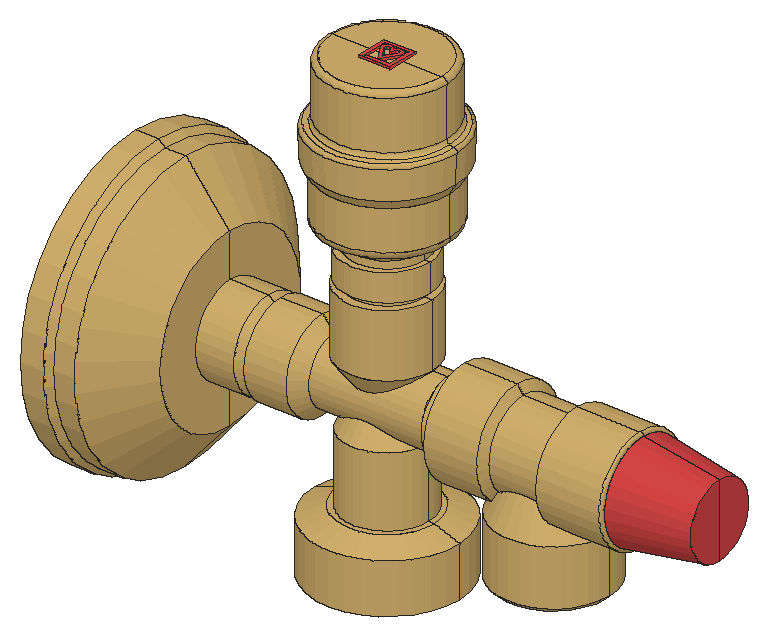
Revit family "Kesselgruppe 2104", category Rohrzubehör, Revit 2018
Family settings
  Bemaßung runder Anschluss = Durchmesser verwenden
  Teiletyp = Normal
  OmniClass-Nummer = 23.65.55.14
  OmniClass-Titel = Valves for Liquid Services
  Arbeitsebenenbasiert = Nein
  Immer vertikal = Ja
  Beim Laden mit Abzugskörper schneiden = Nein
  Gemeinsam genutzt = Nein
Parameters
  Öffnungsdruck = 300000.0 Pa  # constant formula
  max.Betriebstemperatur = 110 °C  # constant formula
  Wäremdämmung = "EPP"  # constant formula
  Verbindungsstück = "geschmiedetes Messing nach EN 12165; CW617N "  # constant formula
  URL = "www.herz-armaturen.at"
  Sicherheitsventil = "geschmiedetes Messing nach EN 12165; CW617N "  # constant formula
  SCRNSEQ = "AWI;AWI_TYP=\"1001\";2"
  SCRNCODE = "02;04;02"  # constant formula
  S08 = 17.700 mm  # constant formula
  S07 = 69.900 mm  # constant formula
  S06 = 42.700 mm  # constant formula
  S05 = 71.000 mm  # constant formula
  S04 = 32.000 mm  # constant formula
  S03 = 45.000 mm  # constant formula
  S02 = L18 + L19  # 95.300 mm
  S01 = 31.800 mm  # constant formula
  R25 = 10.400 mm  # constant formula
  R24 = 13.900 mm  # constant formula
  R23 = 10.400 mm  # constant formula
  R22 = 12.300 mm  # constant formula
  R21 = 14.800 mm  # constant formula
  R20 = 9.300 mm  # constant formula
  R19 = 16.000 mm  # constant formula
  R18 = Nennweite SV / 2  # 10.000 mm
  R17 = 20.800 mm  # constant formula
  R16 = 12.000 mm  # constant formula
  R15 [instance] = Nennweite Anschluss / 2  # 12.500 mm
  R14 = R04  # 10.650 mm
  R13 = 17.900 mm  # constant formula
  R12 = 17.100 mm  # constant formula
  R11 = 12.500 mm  # constant formula
  R10 = R04  # 10.650 mm
  R09 = 13.000 mm  # constant formula
  R08 = R04  # 10.650 mm
  R07 = 9.500 mm  # constant formula
  R06 = 9.300 mm  # constant formula
  R05 = 13.000 mm  # constant formula
  R04 = 21.300 mm / 2  # 10.650 mm
  R03 = 12.700 mm  # constant formula
  R02 = 39.900 mm  # constant formula
  R01 = 41.500 mm  # constant formula
  Nennweite SV = 20.000 mm  # constant formula
  Nennweite Anschluss [instance] = 25.000 mm  # constant formula
  Medium = "Heizungswasser nach ÖNORM H5195 oder VDI- Richtlinie 2035. Die Verwendung von Ethylen- oder Propyleneglykol in einem Mischungsverhältnis 25- 50% ist zulässig. EPDM-Dichtungen können durch Mineralöle und Schmiermittel beeinflusst werden, was zum Versagen der EPDM-Dichtungen führen kann. Bitte beachten Sie die Dokumentation des Herstellers, wenn Ethylenglykol-Produkte für den Frost- und Korrosionsschutz verwendet werden."
  Manometer = "0 bis 4 bar"  # constant formula
  L19 = 22.000 mm  # constant formula
  L18 = 73.300 mm  # constant formula
  L17 = 95.300 mm  # constant formula
  L16 = 21.400 mm  # constant formula
  L15 = 47.800 mm  # constant formula
  L14 = 31.500 mm  # constant formula
  L13 = 46.500 mm  # constant formula
  L12 = 29.500 mm  # constant formula
  L11 = 31.200 mm  # constant formula
  L10 = 86.000 mm  # constant formula
  L09 = 20.700 mm  # constant formula
  L08 = 37.200 mm  # constant formula
  L07 = 27.700 mm  # constant formula
  L06 = 34.400 mm  # constant formula
  L05 = 19.400 mm  # constant formula
  L04 = 30.600 mm  # constant formula
  L03 = 52.400 mm  # constant formula
  L02 = 27.000 mm  # constant formula
  L01 = 72.000 mm  # constant formula
  Hersteller = "Herz-Armaturen GmbH"  # constant formula
  Gewicht = 0.663  # constant formula
  Entlüfter = "geschmiedetes Messing nach EN 12165; CW617N "  # constant formula
  min.Betriebstemperatur = -10 °C  # constant formula
  Bestellnummer [instance] = if(Nennweite Anschluss = 25.000 mm, 1210415, 0)  # 1210415
Reference planes
  plane 1 "Mitte (Vorne/hinten)": y = 0
  plane 2: z = 0
  plane 3 "Mitte (Links/rechts)": x = 0
Forms (mm)
  Revolve 1, solid, material "Messing", detail levels fine
    sketch origin (0, 0, 0) x (1, 0, 0) y (0, 0, 1)
      loop
        line (-72, 41.5) -> (-72, 0) -> (-19.6, 0) -> (-19.6, 9.485) -> (-20.765, 10.65) -> (-31.58, 10.65) -> (-33.8, 12.7) -> (-45, 12.7) -> (-45, 25.131) -> (-57.8, 39.9) -> (-63.8, 39.9) -> (-65.4, 41.5) -> (-72, 41.5)
      axis (-72, 0) -> (-19.6, 0)
    angle from 0 to 360
  Revolve 2, solid, material "Messing", detail levels fine
    sketch origin (0, 0, 0) x (1, 0, 0) y (0, 0, 1)
      loop
        line (-30.6, 13) -> (-30.6, 10.465) -> (-29.435, 9.3) -> (-19.4, 9.3) -> (-19.4, 0) -> (34.4, 0) -> (34.4, 9.485) -> (33.235, 10.65) -> (18.4, 10.65) -> (17.42, 9.5) -> (-15.065, 9.5) -> (-18.565, 13) -> (-30.6, 13)
      axis (-30.6, 0) -> (34.4, 0)
    angle from 0 to 360
  Revolve 3, solid, material "Messing", detail levels fine
    sketch origin (0, 0, 0) x (1, 0, 0) y (0, 0, 1)
      loop
        line (0, 0) -> (-6, 0) -> (-12, -9.5) -> (-12, -29.5) -> (-13.65, -29.5) -> (-20.8, -32.25) -> (-20.8, -46.5) -> (-12.5, -46.5) -> (-12.5, -33.02) -> (0, -33.02) -> (0, 0)
      axis (0, 0) -> (0, -46.5)
    angle from 0 to 360
  Revolve 4, solid, material "Messing", detail levels fine
    sketch origin (0, 0, 0) x (1, 0, 0) y (0, 0, 1)
      loop
        line (0, 31.2) -> (0, 86) -> (-15.6, 86)
        arc (-15.6, 86) -> (-16.661, 85.561) -> (-17.1, 84.5) r 1.5
        line (-17.1, 84.5) -> (-17.1, 70.6)
        arc (-17.1, 70.6) -> (-17.278, 69.797) -> (-17.778, 69.145) r 1.899
        line (-17.778, 69.145) -> (-19.197, 68.844)
        arc (-19.197, 68.844) -> (-19.771, 68.418) -> (-19.974, 67.733) r 1.128
        line (-19.974, 67.733) -> (-19.7, 59.5) -> (-17.9, 56.7) -> (-17.9, 45.325)
        arc (-17.9, 45.325) -> (-17.131, 43.469) -> (-15.275, 42.7) r 2.625
        line (-15.275, 42.7) -> (-10.65, 39.2) -> (-10.65, 32.365) -> (-9.485, 31.2) -> (0, 31.2)
      axis (0, 86) -> (0, 31.2)
    angle from 0 to 360
  Revolve 5, solid, material "Messing", detail levels fine
    sketch origin (0, 0, 0) x (1, 0, 0) y (0, 0, 1)
      loop
        line (-12.5, 37.2) -> (-12.5, 29.435) -> (-10.65, 28.7) -> (-10.65, 21.865) -> (-9.485, 20.7) -> (0, 20.7) -> (0, 37.2) -> (-12.5, 37.2)
      axis (0, 37.2) -> (0, 20.7)
    angle from 0 to 360
  Revolve 6, solid, material "Messing", detail levels fine
    sketch origin (0, 0, 0) x (1, 0, 0) y (0, 0, 1)
      loop
        line (-13, 27.7) -> (-13, 9.525) -> (-6, 0) -> (0, 0) -> (0, 27.7) -> (-13, 27.7)
      axis (0, 27.7) -> (0, 0)
    angle from 0 to 360
  Revolve 7, solid, material "Messing", detail levels fine
    sketch origin (0, 0, 0) x (1, 0, 0) y (0, 0, 1)
      loop
        line (21.4, 9.3) -> (36.4, 9.3) -> (36.4, 0) -> (73.278, 0) -> (73.278, 13.893)
        arc (73.278, 13.893) -> (73.1, 14.525) -> (72.504, 14.8) r 0.784
        line (72.504, 14.8) -> (54.504, 14.8) -> (53.049, 12.3) -> (38.855, 12.3) -> (37.4, 14.8) -> (22.295, 14.8) -> (21.4, 13.25) -> (21.4, 9.3)
      axis (21.4, 0) -> (73.278, 0)
    angle from 0 to 360
  Revolve 8, solid, material "Messing", detail levels fine
    sketch origin (0, 0, 0) x (1, 0, 0) y (0, 0, 1)
      loop
        line (47.8, -18.34) -> (47.8, 0) -> (39.55, 0) -> (31.8, -14.5) -> (31.8, -30.5) -> (32.8, -31.5) -> (37.8, -31.5) -> (37.8, -18.34) -> (47.8, -18.34)
      axis (47.8, 0) -> (47.8, -31.5)
    angle from 0 to 360
  Revolve 9, solid, material "Kunststoff - Rot", detail levels fine
    sketch origin (0, 0, 0) x (1, 0, 0) y (0, 0, 1)
      loop
        line (95.278, 0) -> (95.278, 10.4) -> (73.3, 13.9) -> (73.3, 0) -> (95.278, 0)
      axis (73.3, 0) -> (95.278, 0)
    angle from 0 to 360
Lines and regions (mm)
  model lines
    curve 1: line (20.8, 0, -47.5) -> (-20.8, 0, -47.5)
    curve 11: line (95, 0, 10.596) -> (87.287, 0, -10.596)
    curve 12: line (87, 0, 10.596) -> (79.287, 0, -10.596)
    curve 13: line (79, 0, 10.596) -> (71.287, 0, -10.596)
    curve 14: line (71, 0, 10.596) -> (63.287, 0, -10.596)
    curve 15: circle (-45, 0, 0) r 27 normal (0, -1, 0)
    curve 18: line (0, 0, 60.6) -> (0, 0, 87.6)
    curve 24: line (0, -46.5, 0) -> (0, 24.8, 0)
  model lines, detail levels coarse+medium
    curve 2: line (0, 0, -47.5) -> (0, 0, 24.8)
    curve 3: line (-18, 0, 0) -> (21.4, 0, 0)
    curve 4: line (21.4, 0, 14.8) -> (21.4, 0, -14.8)
    curve 5: line (21.4, 0, -14.8) -> (47.8, 0, 0)
    curve 6: line (47.8, 0, 0) -> (21.4, 0, 14.8)
    curve 7: line (47.8, 0, 0) -> (31.8, 0, -31.5)
    curve 8: line (31.8, 0, -31.5) -> (63.8, 0, -31.5)
    curve 9: line (63.8, 0, -31.5) -> (47.8, 0, 0)
    curve 10: line (47.8, 0, 0) -> (95.3, 0, 0)
    curve 16: line (0, 0, 87.6) -> (-17.7, 0, 69.9)
    curve 17: circle (0, 0, 42.7) r 17.9 normal (0, -1, 0)
    curve 19: line (0, 0, 87.6) -> (17.7, 0, 69.9)
    curve 20: line (-60.91, 0, -15.91) -> (-29.09, 0, 15.91)
    curve 21: line (-29.09, 0, 15.91) -> (-29.09, 0, 5.91)
    curve 22: line (-29.09, 0, 15.91) -> (-39.09, 0, 15.91)
    curve 23: line (-20.8, -46.5, 0) -> (20.8, -46.5, 0)
    curve 25: circle (0, 42.7, 0) r 17.9 normal (0, 0, 1)
    curve 26: line (-0.022, 60.6, 0) -> (-0.022, 87.578, 0)
    curve 27: line (-0.022, 87.578, 0) -> (-17.7, 69.9, 0)
    curve 28: line (0.022, 87.578, 0) -> (17.7, 69.9, 0)
    curve 29: circle (-45, 0, 0) r 27 normal (0, 0, 1)
    curve 30: line (-60.91, -15.91, 0) -> (-29.09, 15.91, 0)
    curve 31: line (-29.09, 15.91, 0) -> (-29.09, 5.91, 0)
    curve 32: line (-29.09, 15.91, 0) -> (-39.09, 15.91, 0)
    curve 33: line (-18, 0, 0) -> (20.505, 0, 0)
    curve 34: line (21.4, 14.8, 0) -> (21.4, -14.8, 0)
    curve 35: line (21.4, -14.8, 0) -> (47.8, 0, 0)
    curve 36: line (47.8, 0, 0) -> (21.4, 14.8, 0)
    curve 37: line (47.8, 0, 0) -> (95.3, 0, 0)
    curve 38: line (71, 10.619, 0) -> (63.27, -10.619, 0)
    curve 39: line (79, 10.619, 0) -> (71.27, -10.619, 0)
    curve 40: line (87, 10.619, 0) -> (79.27, -10.619, 0)
    curve 41: line (95, 10.619, 0) -> (87.27, -10.619, 0)
    curve 42: line (47.8, 0, 0) -> (31.8, -31.5, 0)
    curve 43: line (31.8, -31.5, 0) -> (63.8, -31.5, 0)
    curve 44: line (63.8, -31.5, 0) -> (47.8, 0, 0)
Dimensions and locks
  "R01": Revolve 1 sketch curve to Revolve 1 sketch curve
  "L01": plane 3 "Mitte (Links/rechts)" to Revolve 1 sketch curve
  "L02": Revolve 1 sketch curve to Revolve 1 sketch curve
  "R02": Revolve 1 sketch curve to Revolve 1 sketch curve
  "R03": Revolve 1 sketch curve to Revolve 1 sketch curve
  "L03": Revolve 1 sketch curve to Revolve 1 sketch curve
  "R04": Revolve 1 sketch curve to Revolve 1 sketch curve
  "L04": plane 3 "Mitte (Links/rechts)" to Revolve 2 sketch curve
  "R05": Revolve 2 sketch curve to Revolve 2 sketch curve
  "R06": Revolve 2 sketch curve to Revolve 2 sketch curve
  "R07": Revolve 2 sketch curve to Revolve 2 sketch curve
  "R08": Revolve 2 sketch curve to Revolve 2 sketch curve
  "L05": plane 3 "Mitte (Links/rechts)" to Revolve 2 sketch curve
  "L06": Revolve 2 sketch curve to plane 3 "Mitte (Links/rechts)"
  "R09": Revolve 6 sketch curve to Revolve 6 sketch curve
  "L07": Revolve 6 sketch curve to Revolve 6 sketch curve
  "L09": Revolve 5 sketch curve to Revolve 6
  "L08": Revolve 5 sketch curve to Revolve 6
  "R11": Revolve 5 sketch curve to Revolve 5 sketch curve
  "R10": Revolve 5 sketch curve to Revolve 5 sketch curve
  "R12": Revolve 4 sketch curve to Revolve 4 sketch curve
  "R13": Revolve 4 sketch curve to Revolve 4 sketch curve
  "R14": Revolve 4 sketch curve to Revolve 4 sketch curve
  "L11": Revolve 4 sketch curve to Revolve 6
  "L10": Revolve 4 sketch curve to Revolve 6
  "L13": Revolve 3 sketch curve to Revolve 3 sketch curve
  "L12": Revolve 3 sketch curve to Revolve 3 sketch curve
  "R16": Revolve 3 sketch curve to Revolve 3 sketch curve
  "R17": Revolve 3 sketch curve to Revolve 3 sketch curve
  "R15": Revolve 3 sketch curve to Revolve 3 sketch curve
  "R19": Revolve 8 sketch curve to Revolve 8 sketch curve
  "R18": Revolve 8 sketch curve to Revolve 8 sketch curve
  "L14": Revolve 8 sketch curve to Revolve 8 sketch curve
  "L15": Revolve 8 sketch curve to plane 3 "Mitte (Links/rechts)"
  "L16": Revolve 7 sketch curve to plane 3 "Mitte (Links/rechts)"
  "R20": Revolve 7 sketch curve to Revolve 7 sketch curve
  "R21": Revolve 7 sketch curve to Revolve 7 sketch curve  (x2)
  "R22": Revolve 7 sketch curve to Revolve 7 sketch curve
  "R25": Revolve 9 sketch curve to Revolve 9 sketch curve
  "R24": Revolve 9 sketch curve to Revolve 9 sketch curve
  "L19": Revolve 9 sketch curve to Revolve 7
  "L18": plane 3 "Mitte (Links/rechts)" to Revolve 9 sketch curve
  "R17": curve 1 to plane 3 "Mitte (Links/rechts)" to curve 1
  "L13": plane 2 to Revolve 3
  "S06": curve 17 to plane 2
  "S07": curve 16 to plane 2
  "S07": curve 19 to plane 2
  "S08": curve 19 to plane 3 "Mitte (Links/rechts)"
  "S08": plane 3 "Mitte (Links/rechts)" to curve 16
  "S03": plane 3 "Mitte (Links/rechts)" to curve 15
  "L16": curve 4 to plane 3 "Mitte (Links/rechts)"
  "R21": curve 6 to plane 2 to curve 5
  "L15": curve 10 to plane 3 "Mitte (Links/rechts)"
  "L14": plane 2 to curve 8
  "S01": curve 8 to plane 3 "Mitte (Links/rechts)"
  "S04": curve 8 to curve 9
  "S02": curve 10 to plane 3 "Mitte (Links/rechts)"
  equal spacing: curve 14, plane 2, curve 14
  equal spacing: curve 13, plane 2, curve 13
  equal spacing: curve 12, plane 2, curve 12
  equal spacing: curve 11, plane 2, curve 11
  curve 11 to curve 12 = 8.000 mm
  curve 12 to curve 13 = 8.000 mm
  curve 13 to curve 14 = 8.000 mm
  "S05": curve 14 to plane 3 "Mitte (Links/rechts)"
  "S07": plane 1 "Mitte (Vorne/hinten)" to curve 27
  "S08": curve 27 to plane 3 "Mitte (Links/rechts)"
  "S08": plane 3 "Mitte (Links/rechts)" to curve 28
  "S07": plane 1 "Mitte (Vorne/hinten)" to curve 28
  "S06": plane 1 "Mitte (Vorne/hinten)" to curve 25
  "R17": curve 23 to plane 3 "Mitte (Links/rechts)" to curve 23
  "L13": curve 23 to plane 1 "Mitte (Vorne/hinten)"
  "S03": curve 29 to plane 3 "Mitte (Links/rechts)"
  "L16": plane 3 "Mitte (Links/rechts)" to curve 34
  "R21": plane 1 "Mitte (Vorne/hinten)" to curve 36
  "R21": curve 35 to plane 1 "Mitte (Vorne/hinten)"
  "L15": plane 3 "Mitte (Links/rechts)" to curve 36
  "S02": plane 3 "Mitte (Links/rechts)" to curve 37
  equal spacing: curve 38, plane 1 "Mitte (Vorne/hinten)", curve 38
  "S05": plane 3 "Mitte (Links/rechts)" to curve 38
  equal spacing: curve 39, plane 1 "Mitte (Vorne/hinten)", curve 39
  curve 38 to curve 39 = 8.000 mm
  equal spacing: curve 40, plane 1 "Mitte (Vorne/hinten)", curve 40
  curve 40 to curve 39 = 8.000 mm
  curve 41 to curve 40 = 8.000 mm
  equal spacing: curve 41, plane 1 "Mitte (Vorne/hinten)", curve 41
  "L14": curve 43 to plane 1 "Mitte (Vorne/hinten)"
  "S01": plane 3 "Mitte (Links/rechts)" to curve 43
  "S04": curve 43 to curve 44
  "R13": radius of curve 17
  "L02": radius of curve 15
  "R13": radius of curve 25
  "L02": radius of curve 29
  angle curve 16 to curve 18 = 45.00°
  angle plane 3 "Mitte (Links/rechts)" to curve 19 = 45.00°
  angle curve 20 to curve 21 = 45.00°
  angle plane 2 to curve 11 = 70.00°
  angle plane 2 to curve 12 = 70.00°
  angle plane 2 to curve 13 = 70.00°
  angle plane 2 to curve 14 = 70.00°
  angle curve 27 to curve 26 = 45.0005°
  angle curve 26 to curve 28 = 45.0005°
  angle curve 30 to curve 31 = 45.00°
  angle plane 1 "Mitte (Vorne/hinten)" to curve 38 = 70.00°
  angle plane 1 "Mitte (Vorne/hinten)" to curve 39 = 70.00°
  angle plane 1 "Mitte (Vorne/hinten)" to curve 40 = 70.00°
  angle plane 1 "Mitte (Vorne/hinten)" to curve 41 = 70.00°
  aligned and locked: level to plane 2
Automatic sketch dimensions
  curve 17 to plane 3 "Mitte (Links/rechts)" = 0.000 mm
  curve 2 to plane 3 "Mitte (Links/rechts)" = 0.000 mm
  curve 7 to level = 0.000 mm
  curve 15 to level = 0.000 mm
  curve 3 to level = 0.000 mm
  curve 20 to curve 3 = 11.090 mm
  level to curve 22 = 15.910 mm
  curve 22 to curve 20 = 10.000 mm
  curve 1 to curve 7 = 16.000 mm
  curve 24 to plane 3 "Mitte (Links/rechts)" = 0.000 mm
  plane 1 "Mitte (Vorne/hinten)" to curve 33 = 0.000 mm
  plane 1 "Mitte (Vorne/hinten)" to curve 42 = 0.000 mm
  plane 1 "Mitte (Vorne/hinten)" to curve 29 = 0.000 mm
  curve 30 to curve 33 = 11.090 mm
  curve 25 to plane 3 "Mitte (Links/rechts)" = 0.000 mm
  curve 32 to plane 1 "Mitte (Vorne/hinten)" = 15.910 mm
  curve 32 to curve 30 = 10.000 mm
  curve 33 to curve 34 = 0.895 mm
  Revolve 1 sketch curve to level = 0.000 mm  (x2)
  Revolve 1 sketch curve to Revolve 1 sketch curve = 6.600 mm
  Revolve 1 sketch curve to Revolve 1 sketch curve = 1.600 mm
  Revolve 1 sketch curve to Revolve 1 sketch curve = 6.000 mm
  Revolve 1 sketch curve to Revolve 1 sketch curve = 11.200 mm
  Revolve 1 sketch curve to Revolve 1 sketch curve = 2.220 mm
  Revolve 1 sketch curve to Revolve 1 sketch curve = 1.165 mm  (x2)
  Revolve 1 sketch curve to Revolve 1 sketch curve = 12.431 mm
  Revolve 1 sketch curve to Revolve 1 sketch curve = 1279.990 mm
  plane 3 "Mitte (Links/rechts)" to Revolve 1 sketch curve = 1898.983 mm
  Revolve 2 sketch curve to level = 0.000 mm  (x2)
  Revolve 2 sketch curve to Revolve 2 sketch curve = 1.165 mm  (x4)
  Revolve 2 sketch curve to Revolve 2 sketch curve = 0.835 mm
  Revolve 2 sketch curve to Revolve 2 sketch curve = 4.335 mm
  Revolve 2 sketch curve to Revolve 2 sketch curve = 16.980 mm
  Revolve 2 sketch curve to Revolve 2 sketch curve = 0.980 mm
  Revolve 2 sketch curve to Revolve 2 sketch curve = 1321.410 mm
  Revolve 2 sketch curve to Revolve 2 sketch curve = 1864.563 mm
  Revolve 3 sketch curve to level = 0.000 mm
  Revolve 3 sketch curve to plane 3 "Mitte (Links/rechts)" = 0.000 mm  (x2)
  Revolve 3 sketch curve to Revolve 3 sketch curve = 1.650 mm
  Revolve 3 sketch curve to Revolve 3 sketch curve = 6.000 mm
  Revolve 3 sketch curve to Revolve 3 sketch curve = 3.520 mm
  Revolve 3 sketch curve to Revolve 3 sketch curve = 2.750 mm
  Revolve 3 sketch curve to level = 9.500 mm
  Revolve 3 sketch curve to Revolve 3 sketch curve = 319.545 mm
  level to Revolve 3 sketch curve = 2214.315 mm
  Revolve 4 sketch curve to plane 3 "Mitte (Links/rechts)" = 0.000 mm  (x2)
  Revolve 4 sketch curve to Revolve 4 sketch curve = 1.747 mm
  Revolve 4 sketch curve to Revolve 4 sketch curve = 1.899 mm
  Revolve 4 sketch curve to Revolve 4 sketch curve = 0.350 mm
  Revolve 4 sketch curve to Revolve 4 sketch curve = 1.800 mm
  Revolve 4 sketch curve to Revolve 4 sketch curve = 1.128 mm
  Revolve 4 sketch curve to Revolve 4 sketch curve = 1.419 mm
  Revolve 4 sketch curve to Revolve 4 sketch curve = 1.500 mm
  Revolve 4 sketch curve to Revolve 4 sketch curve = 2.625 mm
  Revolve 4 sketch curve to Revolve 4 sketch curve = 1.165 mm  (x2)
  Revolve 4 sketch curve to Revolve 4 sketch curve = 6.835 mm
  Revolve 4 sketch curve to Revolve 4 sketch curve = 3.500 mm
  Revolve 4 sketch curve to Revolve 4 sketch curve = 11.375 mm
  Revolve 4 sketch curve to Revolve 4 sketch curve = 2.800 mm
  Revolve 4 sketch curve to Revolve 4 sketch curve = 8.233 mm
  Revolve 4 sketch curve to Revolve 4 sketch curve = 0.038 mm
  Revolve 4 sketch curve to Revolve 4 sketch curve = 0.302 mm
  Revolve 4 sketch curve to level = 366.045 mm
  Revolve 4 sketch curve to Revolve 4 sketch curve = 2128.315 mm
  Revolve 5 sketch curve to plane 3 "Mitte (Links/rechts)" = 0.000 mm  (x2)
  Revolve 5 sketch curve to Revolve 5 sketch curve = 1.165 mm  (x2)
  Revolve 5 sketch curve to Revolve 5 sketch curve = 6.835 mm
  Revolve 5 sketch curve to Revolve 5 sketch curve = 0.735 mm
  Revolve 5 sketch curve to level = 366.045 mm
  Revolve 5 sketch curve to Revolve 5 sketch curve = 2177.115 mm
  Revolve 6 sketch curve to level = 0.000 mm
  Revolve 6 sketch curve to plane 3 "Mitte (Links/rechts)" = 0.000 mm  (x2)
  Revolve 6 sketch curve to plane 3 "Mitte (Links/rechts)" = 6.000 mm
  level to Revolve 6 sketch curve = 9.525 mm
  Revolve 6 sketch curve to level = 366.045 mm
  Revolve 6 sketch curve to Revolve 6 sketch curve = 2186.615 mm
  Revolve 7 sketch curve to level = 0.000 mm  (x2)
  Revolve 7 sketch curve to Revolve 7 sketch curve = 0.895 mm
  Revolve 7 sketch curve to Revolve 7 sketch curve = 15.000 mm
  Revolve 7 sketch curve to Revolve 7 sketch curve = 1.000 mm
  Revolve 7 sketch curve to Revolve 7 sketch curve = 1.455 mm  (x2)
  Revolve 7 sketch curve to Revolve 7 sketch curve = 14.194 mm
  Revolve 7 sketch curve to Revolve 7 sketch curve = 18.000 mm
  Revolve 7 sketch curve to Revolve 7 sketch curve = 0.774 mm
  Revolve 7 sketch curve to Revolve 7 sketch curve = 1.550 mm
  Revolve 7 sketch curve to Revolve 7 sketch curve = 0.907 mm
  Revolve 7 sketch curve to plane 3 "Mitte (Links/rechts)" = 1351.990 mm
  Revolve 7 sketch curve to Revolve 7 sketch curve = 1825.705 mm
  Revolve 8 sketch curve to level = 0.000 mm  (x2)
  Revolve 8 sketch curve to Revolve 8 sketch curve = 0.000 mm  (x2)
  Revolve 8 sketch curve to Revolve 8 sketch curve = 8.250 mm
  Revolve 8 sketch curve to Revolve 8 sketch curve = 1.000 mm  (x2)
  Revolve 8 sketch curve to Revolve 8 sketch curve = 13.160 mm
  Revolve 8 sketch curve to Revolve 8 sketch curve = 3.840 mm
  Revolve 9 sketch curve to level = 0.000 mm  (x2)
  Revolve 9 sketch curve to plane 3 "Mitte (Links/rechts)" = 1351.990 mm
  Revolve 9 sketch curve to Revolve 9 sketch curve = 1803.683 mm
Nested families
  nested 1: "Herz-Logo" at (0, 0, 85), type "Herz-Logo", detail levels fine
Connectors
  piping at (0, 0, -33.02), diameter 25, driven by "Nennweite Anschluss"
    settings: on Revolve 3, index 1, connector inside diameter 609.6 mm, connector length 0.000 mm, flow factor 0, pipe flow 0.0 L/s, pressure drop 0.0 Pa, fitting loss kfactor 0, connector angle 0.00°, fixture units 0, engagement length 0.000 mm, angle of deflection 0.00°, flow configuration 0, flow direction 1, fitting loss method 0, system type 29, joint type 0, gender type 0, connector reference index -1, connector utility 0, adjustable connector no, is connector primary yes, connector description ""
  piping at (47.8, 0, -18.34), diameter 20, driven by "Nennweite SV"
    settings: on Revolve 8, index 2, connector inside diameter 609.6 mm, connector length 0.000 mm, flow factor 0, pipe flow 0.0 L/s, pressure drop 0.0 Pa, fitting loss kfactor 0, connector angle 0.00°, fixture units 0, engagement length 0.000 mm, angle of deflection 0.00°, flow configuration 0, flow direction 2, fitting loss method 0, system type 29, joint type 0, gender type 0, connector reference index -1, connector utility 0, adjustable connector no, is connector primary no, connector description ""
Definition of nested family "Herz-Logo"
  Reference planes
    plane 1 "Mitte (Vorne/hinten)": y = 0
    plane 2: z = 0
    plane 3 "Mitte (Links/rechts)": x = 0
  Forms (mm)
    Extrusion 1, solid
      sketch origin (0, 0, 0) x (1, 0, 0) y (0, 1, 0)
        loop
          line (-0.018, -4.517) -> (4.482, -4.517) -> (4.482, 4.483) -> (-4.518, 4.483) -> (-4.518, -4.517) -> (-0.018, -4.517)
        loop
          line (-0.05, -3.48) -> (3.482, -3.48) -> (3.482, 3.483) -> (-3.518, 3.483) -> (-3.518, -3.48) -> (-0.05, -3.48)
        loop
          arc (-0.018, 2.383) -> (-1.543, 3.287) -> (-3.067, 2.383) r 1.738
          arc (-3.067, 2.383) -> (-3.191, 1.899) -> (-3.067, 1.415) r 1.009
          line (-3.067, 1.415) -> (-0.018, -3.281) -> (3.032, 1.415)
          arc (3.032, 1.415) -> (3.156, 1.899) -> (3.032, 2.383) r 1.009
          arc (3.032, 2.383) -> (1.507, 3.287) -> (-0.018, 2.383) r 1.738
        loop
          arc (1.885, 1.272) -> (2.005, 1.675) -> (1.885, 2.079) r 0.74
          arc (1.885, 2.079) -> (1.265, 2.416) -> (0.644, 2.079) r 0.74
          line (0.644, 2.079) -> (-0.018, 0.97) -> (-0.679, 2.079)
          arc (-0.679, 2.079) -> (-1.3, 2.416) -> (-1.921, 2.079) r 0.74
          arc (-1.921, 2.079) -> (-2.04, 1.675) -> (-1.921, 1.272) r 0.74
          line (-1.921, 1.272) -> (-0.018, -1.658) -> (1.885, 1.272)
      from 0 to 1.5
  Dimensions and locks
    aligned and locked: level to plane 2
